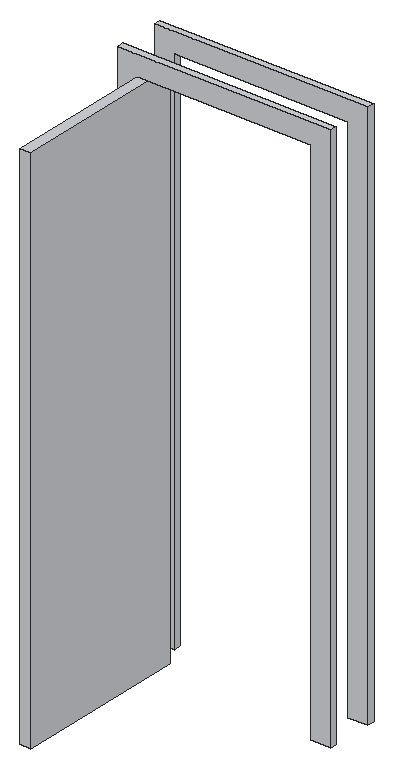
Revit family "RightDoor", category 门, Revit 2025
Family settings
  主体 = 墙
  OmniClass 编号 = 23.30.10.00
  OmniClass 标题 = Doors
  总是垂直 = 是
  载入时剪切的空心 = 否
  共享 = 否
  房间计算点 = 否
Parameters
  功能 = 内部
  框架投影外部. = 25 mm
  框架投影内部. = 25 mm
  框架宽度 = 75 mm
  高度 = 2000 mm
  墙闭合 = 按主体
  宽度 = 1000 mm
  AI_Width [instance] = 650 mm
  AI_Height [instance] = 2000 mm
Reference planes
  plane 1: y = 0
  plane 2 "中心(左/右)": x = 0
  plane 3 "左": x = -325
  plane 4 "右": x = 325
  plane 5: z = 2000
  plane 6 "外部": y = 75
  plane 7 "内部": y = -75
  plane 8: y = -650
  plane 9: x = -285
Forms (mm)
  Extrusion 1, solid
    sketch origin (-3050, -75, 0) x (1, 0, 0) y (0, 0, 1)
      loop
        line (2650, 0) -> (2725, 0) -> (2725, 2000) -> (3375, 2000) -> (3375, 0) -> (3450, 0) -> (3450, 2075) -> (2650, 2075) -> (2650, 0)
    from 0 to 25
  Extrusion 2, solid
    sketch origin (-3050, 75, 0) x (-1, 0, 0) y (0, 0, 1)
      loop
        line (-2725, 0) -> (-2650, 0) -> (-2650, 2075) -> (-3450, 2075) -> (-3450, 0) -> (-3375, 0) -> (-3375, 2000) -> (-2725, 2000) -> (-2725, 0)
    from 0 to 25
  Extrusion 3, solid
    sketch origin (0, 0, 0) x (1, 0, 0) y (0, 1, 0)
      loop
        line (-325, 0) -> (-325, -650) -> (-285, -650) -> (-285, 0) -> (-325, 0)
    from 0 to 2000 <- "AI_Height"
Lines and regions (mm)
  Opening 1
    outline origin (-3050, -75, 0) x (1, 0, 0) y (0, 0, 1)
      loop
        line (2725, 0) -> (3375, 0) -> (3375, 2000) -> (2725, 2000) -> (2725, 0)
  symbolic lines, style "立面打开方向"
    curve 1: line (325, -75, 1000) -> (-325, -75, 2000)
    curve 2: line (325, -75, 1000) -> (-325, -75, 0)
Text (mm)
  text "外部" at (-2295.016, 1099.543, 0), in view "参照标高"
  text "外部" at (0, 1615.38, 3698.081), in view "左"
  text "外部" at (0, 1036.032, 3874.932), in view "右"
Dimensions and locks
  equal spacing: plane 3 "左", plane 2 "中心(左/右)", plane 4 "右"
  "AI_Width": plane 3 "左" to plane 4 "右"
  "AI_Height": plane 5 to host wall
  equal spacing: host wall, curve 2, plane 5
  host wall to plane 5 = 2000 mm
  "框架投影外部.": Extrusion 2 to Extrusion 2
  "框架投影内部.": Extrusion 1 to Extrusion 1
  "框架宽度": plane 3 "左" to Extrusion 1 sketch curve
  "框架宽度": plane 4 "右" to Extrusion 1 sketch curve
  "框架宽度": Extrusion 1 sketch curve to plane 5
  "框架宽度": plane 4 "右" to Extrusion 2 sketch curve
  "框架宽度": plane 3 "左" to Extrusion 2 sketch curve
  "框架宽度": plane 5 to Extrusion 2 sketch curve
  locked: plane 6 "外部" to host wall
  locked: plane 7 "内部" to host wall
  "AI_Width": plane 8 to host wall
  aligned and locked: plane 3 "左" to Opening 1 sketch curve
  aligned and locked: plane 5 to Opening 1 sketch curve  (x2)
  aligned and locked: Opening 1 sketch curve to plane 4 "右"
  aligned and locked: Opening 1 sketch curve to level
  aligned and locked: level to Extrusion 1 sketch curve
  aligned and locked: plane 5 to Extrusion 1 sketch curve  (x2)
  aligned and locked: Extrusion 1 sketch curve to plane 4 "右"
  aligned and locked: plane 3 "左" to Extrusion 1 sketch curve
  aligned and locked: plane 3 "左" to Extrusion 2 sketch curve
  aligned and locked: plane 5 to Extrusion 2 sketch curve  (x2)
  aligned and locked: level to Extrusion 2 sketch curve
  aligned and locked: plane 5 to curve 1
  aligned and locked: plane 3 "左" to curve 2
  aligned and locked: plane 1 to host wall
  aligned and locked: plane 3 "左" to curve 1
Automatic sketch dimensions
  Extrusion 2 sketch curve to plane 4 "右" = 0 mm
  Extrusion 1 sketch curve to level = 0 mm
  Extrusion 2 sketch curve to level = 0 mm
  plane 4 "右" to curve 2 = 0 mm
  curve 2 to level = 0 mm
  Extrusion 3 sketch curve to plane 3 "左" = 0 mm
  Extrusion 3 sketch curve to plane 8 = 0 mm
  Extrusion 3 sketch curve to plane 9 = 0 mm
  host wall to Extrusion 3 sketch curve = 0 mm
